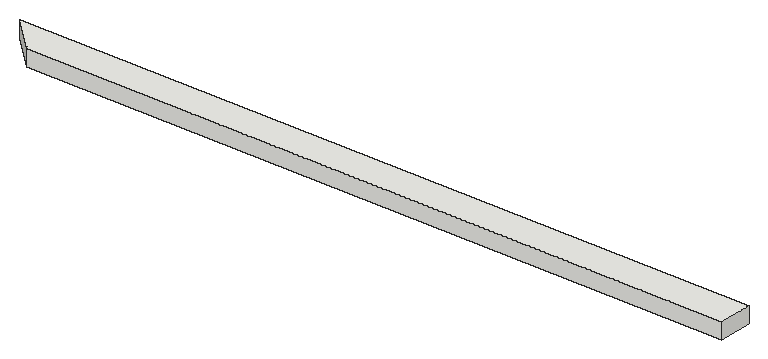
Revit family
Parameters (values of type "30x60-hi")
  Assembly Code = ""
  마감재 = hi-grosy
  높이 = 30 mm
  깊이 = 60 mm
  길이 [instance] = 1272.9 mm
Reference planes
  plane 1 "중심(앞/뒤)": y = 0
  plane 2: z = 0
  plane 3 "중심(왼쪽/오른쪽)": x = 0
  plane 4: y = 60
  plane 5: through (0, 0, 1200) normal (-0.7071, -0.7071, 0)
  plane 6: x = 1272.9
  plane 7: z = 30
Forms (mm)
  Extrusion 1, solid, material "hi-grosy" <- "마감재"
    sketch origin (0, 0, 0) x (1, 0, 0) y (0, 1, 0)
      loop
        line (0, 0) -> (1272.9, 0) -> (1272.9, 60) -> (-60, 60) -> (0, 0)
    from 0 to 30
Dimensions and locks
  "길이": plane 3 "중심(왼쪽/오른쪽)" to plane 6
  "깊이": plane 1 "중심(앞/뒤)" to plane 4
  "높이": plane 7 to level
  aligned and locked: Extrusion 1 sketch curve to plane 6
  aligned and locked: plane 1 "중심(앞/뒤)" to Extrusion 1 sketch curve
  aligned and locked: Extrusion 1 sketch curve to plane 4
  aligned and locked: plane 5 to Extrusion 1 sketch curve
  aligned and locked: Extrusion 1 to plane 7
